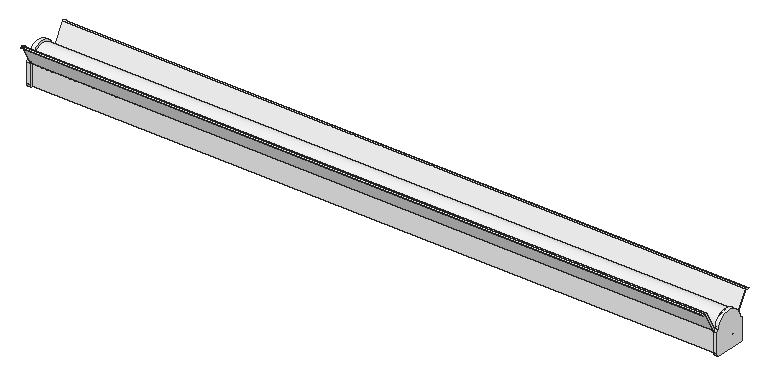
Revit family "0045180+0045235 Feilo Sylvania Lighting Fixture SYLBATTEN LED4 WW TP3 with SYMMETRIC REFLECTOR ACCESSORY 1500MM", category Lighting Fixtures, host Face, Revit 2017
Family settings
  Host = Face
  Round Connector Dimension = Use Diameter
  Part Type = Normal
  OmniClass Number = 23.80.70.00
  OmniClass Title = Lighting
  Cut with Voids When Loaded = No
  Light Source = Yes
  Shared = No
  Room Calculation Point = No
Parameters (values of type "0045180 SYLBATTEN LED4 WW TP3")
  Width_FEILO = 66 mm
  Weight = "3.19 kg"
  Wattage Comments = "n/a"
  Wattage = 39 W
  WarrantyStartDate [instance] = "n/a"
  WarrantyGuarantorParts = "n/a"
  WarrantyDurationUnit = "n/a"
  WarrantyDurationParts = "n/a"
  WarrantyDescription = "n/a"
  built-in parameter 1150110 = 1 (stored number, unit not read)
  Voltage = 230 V
  URL = "http://www.sylvania-lighting.com"
  TypeName = "SYLBATTEN LED4 WW TP3"
  Type Image = <None>
  Type Comments = "n/a"
  built-in parameter 1114217 = 1 (stored number, unit not read)
  Tilt Angle = -90.00°
  built-in parameter 1150109 = 1 (stored number, unit not read)
  built-in parameter 1150134 = (empty or 0)
  SymReflector_FEILO = yes
  built-in parameter 1150113 = 1 (stored number, unit not read)
  SerialNumber [instance] = "n/a"
  PowerFactor = 0
  PowerConsumption = "39 W"
  Photometric Web File = "0045180+0045235.ies"
  NominalLength = 1505 mm
  NominalHeight = 91 mm
  NominalDepth = 122 mm
  Name = "SYLBATTEN LED4 WW TP3"
  ModelReference = Name  # "SYLBATTEN LED4 WW TP3"
  ModelNumber = "0045180"
  Model = Name  # "SYLBATTEN LED4 WW TP3"
  Material_4_FEILO = Reflector-Sylvania-Sylbatten-White
  Material_3_FEILO = Diffuser-Sylvania-Sylbatten-Glow
  Material_2_FEILO = Body-Sylvania-Sylbatten-White
  Material_1_FEILO = Body-Sylvania-Sylbatten-White
  Material = "sheet steel housing, polycarbonate diffuser"
  ManufacturerName = "Feilo Sylvania"
  Manufacturer = "Feilo Sylvania"
  LuminousEfficacy = "93.46 lm/W"
  built-in parameter 1150105 = 290.06 (stored number, unit not read)
  Lumens = 3644.94 lm
  LuminaireType = ""
  built-in parameter 1150115 = 1 (stored number, unit not read)
  LightOutputRatio = "100"
  built-in parameter 1150137 = (empty or 0)
  built-in parameter 1150139 = (empty or 0)
  Length_FEILO = 1505 mm
  LampsType = Lamp  # "LED"
  LampNominalLuminous = "3645 lm"
  LampMacAdamStep = "n/a"
  LampColourTemperature = "3000 K"
  LampColourRenderingIndex = "80"
  built-in parameter 1150112 = 1 (stored number, unit not read)
  built-in parameter 1150114 = 1 (stored number, unit not read)
  Lamp = "LED"
  Keynote = "16500"
  InstallationDate [instance] = "n/a"
  InputVoltage = "220-240V~"
  InputNominalFrequency = "n/a"
  built-in parameter 1150132 = (empty or 0)
  built-in parameter 1150102 = (empty or 0)
  built-in parameter 1150107 = 3000 (stored number, unit not read)
  built-in parameter 1150138 = (empty or 0)
  IngressProtection = "IP20"
  ImpactProtectionIndex = "IK07"
  built-in parameter 1150106 = 2.9006 (stored number, unit not read)
  IfcExportType = "IfcLightFixtureType"
  IfcExportAs = "IfcLightFixtureType"
  Height_FEILO = 76 mm
  ExpectedLife = 50000
  Emit from Rectangle Width = Length_FEILO - 16 mm  # 1489 mm
  Emit from Rectangle Length = Width_FEILO - 40 mm  # 26 mm
  Emit Shape Visible in Rendering = no
  ElectricShockClassification = "Class I"
  built-in parameter 1150104 = 8.6827 (stored number, unit not read)
  DurationUnit = "hours"
  DocumentationLiterature = "http://www.sylvania-lighting.com/product/en-int/products/0045180"
  DimmingControlOptions = "n/a"
  Dimming Lamp Color Temperature Shift = <None>
  Description = "LED batten, T8 replacement, ease of installation through 2 part push-in design of the housing (safety cable included), through wiring capability (TP3 = 3 core), sheet steel, 3645M, 39W, 93m/W, 3000K, drive current: 350mA, CRI 80, 138° wide beam angle, electronic driver (non dimmable), IP20, IK07, 50,000 hrs (L70), (LxWxH) 1505x66x76mm, 5 step MacAdam ellipse, 3.7kg, white RAL 9016, Class 1, 220-240V, energy class: A++, A+, A."
  Default Elevation = 1219.2 mm
  CreatedOn = "1/25/2018"
  CreatedBy = ""
  Cost = 0
  Color Filter = 16777215
  built-in parameter 1114216 [instance] = (empty or 0)
  ClassificationValue = "EF_70_80"
  ClassificationName = "Uniclass2015"
  CapOffset_FEILO = 2 mm
  BarCode [instance] = "n/a"
  built-in parameter 1114218 = 1 (stored number, unit not read)
  BackReflector_FEILO = and(not(AsymReflector_FEILO), SymReflector_FEILO)  # yes
  built-in parameter 1150133 = 10 (stored number, unit not read)
  FrontReflector_FEILO = or(AsymReflector_FEILO, SymReflector_FEILO)  # yes
  AsymReflector_FEILO = no
  AssetType = "Fixed"
  AssetIdentifier [instance] = "n/a"
  Assembly Code = "D5020200"
  Apparent Load = 39 VA
Reference planes
  plane 1 "Center (Front/Back)": y = 0
  plane 2: z = 0
  plane 3 "Center (Left/Right)": x = 0
  plane 4: x = 752.5
  plane 5: x = -752.5
  plane 6: y = 33
  plane 7: y = -33
  plane 8: z = 76
  plane 9: z = 47
  plane 10: y = -29
  plane 11: y = 29
  plane 12: z = 20
  plane 13: z = 74
  plane 14: y = -31
  plane 15: y = -27
  plane 16: y = 27
  plane 17: y = 31
  plane 18: z = 2
  plane 19: x = -744.5
  plane 20: x = 744.5
  plane 21: z = 49
  plane 22: y = 1
  plane 23: y = -1
  plane 24: z = 21
  plane 25: z = 19
  plane 26: y = -61
  plane 27: y = 61
  plane 28: y = -56
  plane 29: y = 56
  plane 30: z = 91
  plane 31: z = 88
Forms (mm)
  Extrusion 1, solid, material "Body-Sylvania-Sylbatten-White" <- "Material_2_FEILO"
    sketch origin (0, 0, 0) x (0, 1, 0) y (0, 0, 1)
      loop
        line (-31, 2) -> (31, 2) -> (31, 45)
        arc (31, 45) -> (30.414, 46.414) -> (29, 47) r 2
        line (29, 47) -> (27, 47)
        arc (27, 47) -> (0, 74) -> (-27, 47) r 27
        line (-27, 47) -> (-29, 47)
        arc (-29, 47) -> (-30.414, 46.414) -> (-31, 45) r 2
        line (-31, 45) -> (-31, 2)
    from -744.5 to 744.5
  Extrusion 2, solid, material "Body-Sylvania-Sylbatten-White" <- "Material_2_FEILO"
    sketch origin (752.5, 1524, 1219.2) x (0, 1, 0) y (0, 0, 1)
      loop
        arc (-1494, -1219.2) -> (-1491.879, -1218.321) -> (-1491, -1216.2) r 3
        line (-1491, -1216.2) -> (-1491, -1173.2)
        arc (-1491, -1173.2) -> (-1491.879, -1171.079) -> (-1494, -1170.2) r 3
        line (-1494, -1170.2) -> (-1495.069, -1170.2)
        arc (-1495.069, -1170.2) -> (-1524, -1143.2) -> (-1552.931, -1170.2) r 29
        line (-1552.931, -1170.2) -> (-1554, -1170.2)
        arc (-1554, -1170.2) -> (-1556.121, -1171.079) -> (-1557, -1173.2) r 3
        line (-1557, -1173.2) -> (-1557, -1216.2)
        arc (-1557, -1216.2) -> (-1556.121, -1218.321) -> (-1554, -1219.2) r 3
        line (-1554, -1219.2) -> (-1494, -1219.2)
      loop
        arc (-1525, -1189.25) -> (-1531.071, -1192.129) -> (-1533.95, -1198.2) r 10
        line (-1533.95, -1198.2) -> (-1532.944, -1198.2)
        arc (-1532.944, -1198.2) -> (-1530.364, -1192.836) -> (-1525, -1190.256) r 9
        line (-1525, -1190.256) -> (-1525, -1189.25)
      loop
        arc (-1523, -1190.256) -> (-1517.636, -1192.836) -> (-1515.056, -1198.2) r 9
        line (-1515.056, -1198.2) -> (-1514.05, -1198.2)
        arc (-1514.05, -1198.2) -> (-1516.929, -1192.129) -> (-1523, -1189.25) r 10
        line (-1523, -1189.25) -> (-1523, -1190.256)
      loop
        line (-1532.944, -1200.2) -> (-1533.95, -1200.2)
        arc (-1533.95, -1200.2) -> (-1531.071, -1206.271) -> (-1525, -1209.15) r 10
        line (-1525, -1209.15) -> (-1525, -1208.144)
        arc (-1525, -1208.144) -> (-1530.364, -1205.564) -> (-1532.944, -1200.2) r 9
      loop
        arc (-1515.056, -1200.2) -> (-1517.636, -1205.564) -> (-1523, -1208.144) r 9
        line (-1523, -1208.144) -> (-1523, -1209.15)
        arc (-1523, -1209.15) -> (-1516.929, -1206.271) -> (-1514.05, -1200.2) r 10
        line (-1514.05, -1200.2) -> (-1515.056, -1200.2)
    from 0 to -8
  Extrusion 3, solid, material "Body-Sylvania-Sylbatten-White" <- "Material_2_FEILO"
    sketch origin (-752.5, 1524, 1219.2) x (0, 1, 0) y (0, 0, 1)
      loop
        arc (-1495.069, -1170.2) -> (-1524, -1143.2) -> (-1552.931, -1170.2) r 29
        line (-1552.931, -1170.2) -> (-1554, -1170.2)
        arc (-1554, -1170.2) -> (-1556.121, -1171.079) -> (-1557, -1173.2) r 3
        line (-1557, -1173.2) -> (-1557, -1216.2)
        arc (-1557, -1216.2) -> (-1556.121, -1218.321) -> (-1554, -1219.2) r 3
        line (-1554, -1219.2) -> (-1494, -1219.2)
        arc (-1494, -1219.2) -> (-1491.879, -1218.321) -> (-1491, -1216.2) r 3
        line (-1491, -1216.2) -> (-1491, -1173.2)
        arc (-1491, -1173.2) -> (-1491.879, -1171.079) -> (-1494, -1170.2) r 3
        line (-1494, -1170.2) -> (-1495.069, -1170.2)
      loop
        line (-1533.95, -1198.2) -> (-1532.944, -1198.2)
        arc (-1532.944, -1198.2) -> (-1530.364, -1192.836) -> (-1525, -1190.256) r 9
        line (-1525, -1190.256) -> (-1525, -1189.25)
        arc (-1525, -1189.25) -> (-1531.071, -1192.129) -> (-1533.95, -1198.2) r 10
      loop
        line (-1523, -1189.25) -> (-1523, -1190.256)
        arc (-1523, -1190.256) -> (-1517.636, -1192.836) -> (-1515.056, -1198.2) r 9
        line (-1515.056, -1198.2) -> (-1514.05, -1198.2)
        arc (-1514.05, -1198.2) -> (-1516.929, -1192.129) -> (-1523, -1189.25) r 10
      loop
        line (-1514.05, -1200.2) -> (-1515.056, -1200.2)
        arc (-1515.056, -1200.2) -> (-1517.636, -1205.564) -> (-1523, -1208.144) r 9
        line (-1523, -1208.144) -> (-1523, -1209.15)
        arc (-1523, -1209.15) -> (-1516.929, -1206.271) -> (-1514.05, -1200.2) r 10
      loop
        line (-1525, -1209.15) -> (-1525, -1208.144)
        arc (-1525, -1208.144) -> (-1530.364, -1205.564) -> (-1532.944, -1200.2) r 9
        line (-1532.944, -1200.2) -> (-1533.95, -1200.2)
        arc (-1533.95, -1200.2) -> (-1531.071, -1206.271) -> (-1525, -1209.15) r 10
    from 0 to 8
  Extrusion 4, solid, material "Reflector-Sylvania-Sylbatten-White" <- "Material_4_FEILO", visible <- "FrontReflector_FEILO"
    sketch origin (0, 0, 0) x (0, 1, 0) y (0, 0, 1)
      loop
        line (-61.257, 88.429) -> (-60.743, 87.571) -> (-56.621, 90.044)
        arc (-56.621, 90.044) -> (-56.237, 90.099) -> (-55.929, 89.863) r 0.5
        line (-55.929, 89.863) -> (-31.435, 46.753) -> (-30.565, 47.247) -> (-55.312, 90.802)
        arc (-55.312, 90.802) -> (-55.928, 91.275) -> (-56.696, 91.165) r 1
        line (-56.696, 91.165) -> (-61.257, 88.429)
    from -744.5 to 744.5
  Extrusion 5, solid, material "Reflector-Sylvania-Sylbatten-White" <- "Material_4_FEILO", visible <- "BackReflector_FEILO"
    sketch origin (0, 0, 0) x (0, 1, 0) y (0, 0, 1)
      loop
        line (30.565, 47.247) -> (31.435, 46.753) -> (55.932, 89.868)
        arc (55.932, 89.868) -> (56.245, 90.112) -> (56.638, 90.062) r 0.518
        line (56.638, 90.062) -> (61.033, 87.565) -> (61.527, 88.435) -> (56.682, 91.188)
        arc (56.682, 91.188) -> (55.922, 91.282) -> (55.318, 90.812) r 1
        line (55.318, 90.812) -> (30.565, 47.247)
    from -744.5 to 744.5
Lines and regions (mm)
  reference lines
    curve 1: line (0, -61, 88) -> (0, -56, 91)
    curve 2: line (0, -56, 91) -> (0, -31, 47)
    curve 3: line (0, 31, 47) -> (0, 56, 91)
    curve 4: line (0, 56, 91) -> (0, 61.28, 88)
Dimensions and locks
  equal spacing: plane 5, plane 3 "Center (Left/Right)", plane 4
  equal spacing: plane 7, plane 1 "Center (Front/Back)", plane 6
  "Width_FEILO": plane 7 to plane 6
  "Length_FEILO": plane 5 to plane 4
  "Height_FEILO": plane 8 to plane 2
  locked: plane 9 to plane 8 at 29
  equal spacing: plane 10, plane 1 "Center (Front/Back)", plane 11
  locked: plane 7 to plane 10 at 4
  locked: plane 12 to plane 2 at 20
  "CapOffset_FEILO": plane 13 to plane 8
  "CapOffset_FEILO": plane 7 to plane 14
  "CapOffset_FEILO": plane 10 to plane 15
  "CapOffset_FEILO": plane 17 to plane 6
  "CapOffset_FEILO": plane 16 to plane 11
  "CapOffset_FEILO": plane 18 to plane 2
  locked: plane 14 to Extrusion 1 sketch curve at 2
  locked: Extrusion 1 sketch curve to plane 9 at 2  (x2)
  locked: plane 16 to Extrusion 1 sketch curve at 2
  equal spacing: plane 19, plane 3 "Center (Left/Right)", plane 20
  locked: plane 5 to plane 19 at 8
  "CapOffset_FEILO": plane 9 to plane 21
  locked: Extrusion 2 sketch curve to plane 2 at 47
  locked: Extrusion 1 sketch curve to plane 2 at 47
  locked: Extrusion 2 sketch curve to plane 2 at 3  (x2)
  locked: plane 7 to Extrusion 2 sketch curve at 3  (x2)
  locked: Extrusion 2 sketch curve to plane 6 at 3  (x2)
  locked: Extrusion 2 sketch curve to plane 21 at 3  (x2)
  equal spacing: plane 23, plane 1 "Center (Front/Back)", plane 22
  equal spacing: plane 25, plane 12, plane 24
  plane 30 to plane 31 to plane 2 = 3 mm locked, 88 mm locked
  plane 28 to plane 29 = 112 mm
  plane 26 to plane 27 = 122 mm
  aligned and locked: plane 2 to host face
  aligned and locked: level to host face
  aligned and locked: plane 18 to Extrusion 1 sketch curve
  aligned and locked: plane 14 to Extrusion 1 sketch curve
  aligned and locked: Extrusion 1 sketch curve to plane 9  (x2)
  aligned and locked: Extrusion 1 sketch curve to plane 17
  aligned and locked: plane 15 to Extrusion 1 sketch curve
  aligned and locked: plane 16 to Extrusion 1 sketch curve
  aligned and locked: plane 9 to Extrusion 1 sketch curve
  aligned and locked: plane 20 to Extrusion 1
  aligned and locked: level to Extrusion 2 sketch curve
  aligned and locked: Extrusion 2 sketch curve to plane 7
  aligned and locked: plane 21 to Extrusion 2 sketch curve
  aligned and locked: Extrusion 2 sketch curve to plane 21
  aligned and locked: plane 1 "Center (Front/Back)" to Extrusion 2 sketch curve  (x3)
  aligned and locked: Extrusion 2 to Extrusion 1
  aligned and locked: plane 4 to Extrusion 2
  aligned and locked: plane 12 to Extrusion 2 sketch curve  (x2)
  aligned and locked: Extrusion 2 sketch curve to plane 22
  aligned and locked: Extrusion 2 sketch curve to plane 23
  aligned and locked: Extrusion 2 sketch curve to plane 24
  aligned and locked: Extrusion 2 sketch curve to plane 25
  aligned and locked: plane 25 to Extrusion 2 sketch curve
  aligned and locked: plane 22 to Extrusion 2 sketch curve
  aligned and locked: plane 24 to Extrusion 2 sketch curve
  aligned and locked: plane 23 to Extrusion 2 sketch curve  (x2)
  aligned and locked: Extrusion 3 sketch curve to Extrusion 2  (x22)
  aligned and locked: Extrusion 3 to Extrusion 1
  aligned and locked: Extrusion 3 to plane 5
  aligned and locked: plane 19 to Extrusion 3
  aligned and locked: plane 31 to curve 1
  aligned and locked: plane 30 to curve 1
  aligned and locked: plane 14 to curve 2
  aligned and locked: plane 9 to curve 2
  aligned and locked: plane 17 to curve 3
  aligned and locked: plane 30 to curve 3
  aligned and locked: plane 31 to curve 4
  aligned and locked: Extrusion 4 sketch curve to curve 2
  aligned and locked: Extrusion 4 sketch curve to curve 1
  aligned and locked: Extrusion 4 to Extrusion 1
  aligned and locked: Extrusion 1 to Extrusion 4
  aligned and locked: imposter light to plane 1 "Center (Front/Back)"
  aligned and locked: imposter light to plane 3 "Center (Left/Right)"
  aligned and locked: imposter light to plane 13
  aligned and locked: Extrusion 5 sketch curve to curve 4
  aligned and locked: Extrusion 5 sketch curve to curve 3
  aligned and locked: Extrusion 1 to Extrusion 5
  aligned and locked: Extrusion 5 to Extrusion 1
Automatic sketch dimensions
  host sketch curve to host sketch curve = 2438.4 mm  (x2)
  Extrusion 2 sketch curve to Extrusion 2 sketch curve = 0 mm  (x14)
  Extrusion 2 sketch curve to plane 10 = 0.069 mm
  plane 23 to Extrusion 2 sketch curve = 8.95 mm
  Extrusion 2 sketch curve to Extrusion 2 sketch curve = 1.006 mm  (x4)
  Extrusion 2 sketch curve to plane 22 = 7.944 mm
  curve 1 to plane 26 = 0 mm
  curve 2 to plane 28 = 0 mm
  curve 4 to plane 29 = 0 mm
  plane 9 to curve 3 = 0 mm
  plane 26 to Extrusion 4 sketch curve = 0.257 mm
  Extrusion 4 sketch curve to plane 26 = 0.257 mm
  Extrusion 4 sketch curve to plane 30 = 0.165 mm
  plane 28 to Extrusion 4 sketch curve = 0.696 mm
  plane 28 to Extrusion 4 sketch curve = 0.621 mm
  plane 28 to Extrusion 4 sketch curve = 0.364 mm
  plane 28 to Extrusion 4 sketch curve = 0.182 mm
  Extrusion 4 sketch curve to plane 28 = 0.071 mm
  plane 30 to Extrusion 4 sketch curve = 0.198 mm
  Extrusion 4 sketch curve to plane 28 = 0.688 mm
  plane 9 to Extrusion 4 sketch curve = 0.247 mm
  plane 1 "Center (Front/Back)" to Extrusion 4 sketch curve = 31.435 mm
  Extrusion 5 sketch curve to plane 9 = 0.247 mm
  Extrusion 5 sketch curve to plane 1 "Center (Front/Back)" = 30.565 mm
  plane 9 to Extrusion 5 sketch curve = 0.247 mm
  plane 30 to Extrusion 5 sketch curve = 0.188 mm
  plane 29 to Extrusion 5 sketch curve = 0.068 mm
  Extrusion 5 sketch curve to plane 29 = 0.188 mm
  Extrusion 5 sketch curve to plane 29 = 0.382 mm
  Extrusion 5 sketch curve to Extrusion 5 sketch curve = 0.256 mm
  Extrusion 5 sketch curve to plane 30 = 0.188 mm
  Extrusion 5 sketch curve to plane 29 = 0.682 mm
  Extrusion 5 sketch curve to plane 27 = 0.033 mm
  Extrusion 5 sketch curve to plane 27 = 0.527 mm
Connectors
  electrical at (0, 0, 0), driven by "Apparent Load", driven by "PowerFactor", driven by "Voltage"
    settings: index 1, voltage 230 V, apparent load 39 VA, apparent load phase1 0 VA, apparent load phase2 0 VA, apparent load phase3 0 VA, power factor 0, load classification "Lighting", number of poles 1, system type 30, power factor state 1, is connector primary yes, connector utility no, sub classification motor no, connector description ""
